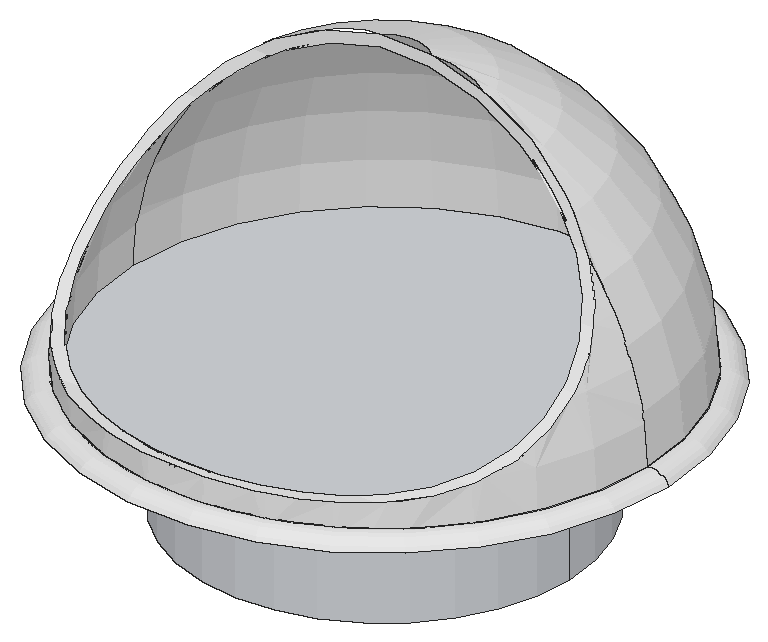
Revit family "CADS_AIRFLOWdev_AirTerminal_RoundCowl_Intake", category Air Terminals, host Face, Revit 2019
Family settings
  Host = Face
  Round Connector Dimension = Use Diameter
  Part Type = Normal
  Cut with Voids When Loaded = No
  Shared = No
  Room Calculation Point = No
Parameters (values of type "180mm With Mesh")
  WorkExecutionLevel = "N/A"
  WeeklyMaintenance = "N/A"
  WarrantyStartDate [instance] = "N/A"
  WarrantyPeriod = "2"
  WarrantyIdentifier = "N/A"
  WarrantyGuarantorParts = "info@airflow.com"
  WarrantyGuarantorLabor = "info@airflow.com"
  WarrantyGuarantor = "Airflow Developments Ltd"
  WarrantyEndDate [instance] = "N/A"
  WarrantyContent = "Replacement of part if faulty"
  Void = ((A - 20 mm) / 2) - 2 mm  # 120.5 mm
  Uniclass2015 = "Pr_65_70_46_01"
  TagNumber [instance] = "N/A"
  Status [instance] = "New"
  Size = "195 x 255 x 255"
  ShippingWeight = 0.09 kg
  Shape = "Round"
  ServiceLifeType = "EXPECTEDSERVICELIFE"
  ServiceLifeDuration = "10"
  SerialNumber [instance] = "N/A"
  RoundCowl = CADS_Airflow_Chrome
  ReplacementCost = "60.444"
  QuarterlyMaintenance = "N/A"
  QualityOfComponents = "N/A"
  ProductionYear = "2017"
  ProductLiterature = "N/A"
  PointOfContact = "Airflow Developments Ltd"
  OutdoorEnviornment = "N/A"
  OperationAndMaintenanceManual = "N/A"
  NumberOfSlots = 0
  NominalWidth = 255 mm
  NominalLength = 195 mm
  NominalHeight = 255 mm
  NBSCode = "90-75-50/370 Air terminals;"
  MountingType = "SURFACE"
  MonthlyMaintenance = "N/A"
  ModelReference = "9041229"
  ModelLabel = "180mm dia round cowl complete with internal mesh"
  MeanTimeBetweenFailure = "N/A"
  Material = "Stainless Steel"
  ManufacturerWebsite = "www.airflow.com"
  ManufacturerTelephone = "01494 525252"
  ManufacturerE-Mail = "info@airflow.com"
  ManufacturerAddress = "Aidelle House\nLancaster Road\nCressex Business Park\nHigh Wycombe\nBucks\nHP123QP"
  Manufacturer = "Airflow Developments Ltd"
  MaintenanceRequired8001to12000hrs = "N/A"
  MaintenanceRequired601to1000hrs = "N/A"
  MaintenanceRequired4001to8000hrs = "N/A"
  MaintenanceRequired301to600hrs = "N/A"
  MaintenanceRequired2001to4000hrs = "N/A"
  MaintenanceRequired1001to2000hrs = "N/A"
  MaintenanceRequired0to300hrs = "N/A"
  MaintenanceLevel = "N/A"
  IsExtendedWarranty = no
  IndoorEnviornment = "N/A"
  InUseConditions = "N/A"
  ISO90001 = yes
  ISO140001 = yes
  HasThermalInsulation = no
  HasSoundAttenuator = no
  HasIntegralControl = no
  GrossWeight = 0.075 kg
  Grade = "Virgin"
  GlobalTradeItemNumber = "5019009318042"
  FlowControlType = "NONE"
  Flow [instance] = 0.0 L/s
  Features [instance] = "180mm dia round cowl complete with internal mesh"
  FaceType = "LOUVERED"
  Exclusions = "Incorrect Use / Incorrect Installation / Installed by a non-accredited electrician. Customer abuse."
  E = 55 mm
  DurationUnit = "Years"
  DesignLevel = "N/A"
  Description = "180mm dia round cowl complete with internal mesh"
  DailyMaintenance = "N/A"
  D = 173 mm
  Mesh [instance] = yes
  Louvers [instance] = no
  Default Elevation = 1219.2 mm
  Constituents = "Silver"
  Color = "Silver"
  CodePerformance = "N/A"
  CEApproval = yes
  C = 190 mm
  BespokeTimeFrameMaintenance = "N/A"
  AssetType = "Fixed"
  AssetIdentifier [instance] = "N/A"
  AssemblyPlace = "N/A"
  AnnualMaintenance = "N/A"
  AirflowRateRange = "0-61"
  AccessibilityPerformance = "N/A"
  A = 265 mm
  Base = A - 20 mm  # 245 mm
  6MonthlyMaintenance = "Visually inspect system, clean the fan and ducting if necessary"
Types (9, lengths in mm): name | Void | Size | ShippingWeight | ReplacementCost | NominalWidth | NominalLength | NominalHeight | ModelReference | ModelLabel | GrossWeight | GlobalTradeItemNumber | Features | E | Description | D | Mesh | Louvers | C | A | Base
  100mm With Louvers | 63 | "115 x 150 x 150" | 0.03 kg | "20.676" | 150 | 115 | 150 | "52644501" | "100mm dia round cowl complete with Internal louvers" | 0.025 kg | "5019009306346" | "100mm dia round cowl complete with Internal louvers" | 42 | "100mm dia round cowl complete with Internal louvers" | 100 | no | yes | 115 | 150 | 130
  125mm With Louvers | 78 | "145 x 190 x 190" | 0.042 kg | "30.228" | 190 | 145 | 190 | "9041226" | "125mm dia round cowl complete with internal louvers" | 0.035 kg | "5019009318011" | "125mm dia round cowl complete with internal louvers" | 48 | "125mm dia round cowl complete with internal louvers" | 125 | no | yes | 145 | 180 | 160
  150mm With Louvers | 91.5 | "155 x 210 x 210" | 0.054 kg | "39.756" | 210 | 155 | 210 | "52644601" | "150mm dia round cowl complete with Internal louvers" | 0.045 kg | "5019009306360" | "150mm dia round cowl complete with Internal louvers" | 55 | "150mm dia round cowl complete with Internal louvers" | 150 | no | yes | 155 | 207 | 187
  180mm With Louvers | 120.5 | "195 x 255 x 255" | 0.09 kg | "60.444" | 255 | 195 | 255 | "9041227" | "180mm dia round cowl complete with internal louvers" | 0.075 kg | "5019009318028" | "180mm dia round cowl complete with internal louvers" | 55 | "180mm dia round cowl complete with internal louvers" | 173 | no | yes | 190 | 265 | 245
  100mm With Mesh | 63 | "115 x 150 x 150" | 0.03 kg | "20.676" | 150 | 115 | 150 | "52644701" | "100mm dia round cowl complete with Internal mesh" | 0.025 kg | "5019009306384" | "100mm dia round cowl complete with Internal mesh" | 42 | "100mm dia round cowl complete with Internal mesh" | 100 | yes | no | 115 | 150 | 130
  125mm With Mesh | 78 | "145 x 190 x 190" | 0.042 kg | "30.228" | 190 | 145 | 190 | "9041228" | "125mm dia round cowl complete with internal mesh" | 0.035 kg | "5019009318035" | "125mm dia round cowl complete with internal mesh" | 48 | "125mm dia round cowl complete with internal mesh" | 125 | yes | no | 145 | 180 | 160
  150mm With Mesh | 91.5 | "155 x 210 x 210" | 0.054 kg | "39.756" | 210 | 155 | 210 | "52644801" | "150mm dia round cowl complete with Internal mesh" | 0.045 kg | "5019009306407" | "150mm dia round cowl complete with Internal mesh" | 55 | "150mm dia round cowl complete with Internal mesh" | 150 | yes | no | 155 | 207 | 187
  180mm With Mesh | 120.5 | "195 x 255 x 255" | 0.09 kg | "60.444" | 255 | 195 | 255 | "9041229" | "180mm dia round cowl complete with internal mesh" | 0.075 kg | "5019009318042" | "180mm dia round cowl complete with internal mesh" | 55 | "180mm dia round cowl complete with internal mesh" | 173 | yes | no | 190 | 265 | 245
  160mm With Mesh | 105.5 | "160x 215x 210" | 0.054 kg | "39.756" | 215 | 160 | 210 | "90000506" | "150mm dia round cowl complete with Internal mesh" | 0.045 kg | "5019009306407" | "150mm dia round cowl complete with Internal mesh" | 60 | "160mm dia round cowl complete with internal mesh" | 160 | yes | no | 165 | 235 | 215
Reference planes
  plane 1 "Center (Front/Back)": y = 0
  plane 2: z = 0
  plane 3 "Center (Left/Right)": x = 0
  plane 4: z = 135
  plane 5: x = -122.5
  plane 6: x = 122.5
  plane 7 "top": y = 122.5
  plane 8: y = -122.5
  plane 9: y = -60.25
  plane 10: x = -132.5
  plane 11: y = 132.5
  plane 12: x = 132.5
  plane 13: y = -132.5
  plane 14: y = -120.5
  plane 15: z = 4.663
  plane 16: z = -55
  plane 17: z = 69.832
  plane 18: y = -108.123
Forms (mm)
  Revolve 1, solid, material "CADS_Airflow_Chrome" <- "RoundCowl"
    sketch origin (0, 0, 0) x (1, 0, 0) y (0, 0, 1)
      loop
        arc (122.5, 0) -> (87.787, 91.58) -> (0, 135) r 133.84
        line (0, 135) -> (0, 129.98)
        arc (0, 129.98) -> (84.246, 88.039) -> (117.499, 0) r 128.839
        line (117.499, 0) -> (122.5, 0)
      axis (0, 135) -> (0, 0)
    angle from 0 to 360
  Revolve 2, solid, material "CADS_Airflow_Chrome" <- "RoundCowl"
    sketch origin (0, 0, 0) x (1, 0, 0) y (0, 0, 1)
      loop
        arc (132.5, 0) -> (128.248, 3.935) -> (122.5, 4.663) r 9.485
        line (122.5, 4.663) -> (122.5, 0) -> (132.5, 0)
      axis (0, 4.663) -> (0, 0)
    angle from 0 to 360
  Extrusion 3, solid
    sketch origin (0, 0, 0) x (1, 0, 0) y (0, 1, 0)
      loop
        circle (0, 0) r 122.5
    from 0 to 4.663
  Extrusion 4, solid
    sketch origin (0, 0, 0) x (1, 0, 0) y (0, 1, 0)
      loop
        circle (0, 0) r 86.5
    from 0 to -55
  Extrusion 5, void
    sketch origin (0, -47.12, -7.321) x (0, 1, 0) y (0, 0, 1)
      loop
        circle (-61.003, 142.321) r 120.5
    from -286.988 to 250
Cuts and joins
  Extrusion 5 cuts Revolve 1
Dimensions and locks
  equal spacing: plane 10, plane 3 "Center (Left/Right)", plane 12
  equal spacing: plane 11, plane 1 "Center (Front/Back)", plane 13
  "A": plane 11 to plane 13
  "A": plane 10 to plane 12
  locked: plane 10 to plane 5 at 10
  locked: plane 6 to plane 12 at 10
  locked: plane 8 to plane 13 at 10
  locked: plane 11 to plane 7 "top" at 10
  locked: plane 14 to plane 8 at 2
  equal spacing: plane 1 "Center (Front/Back)", plane 9, plane 14
  plane 1 "Center (Front/Back)" to plane 14 = 120.5 mm
  locked: plane 15 to level at 4.663
  "E": level to plane 16
  "C": plane 4 to plane 16
  equal spacing: plane 4, plane 17, plane 15
  locked: plane 13 to plane 18 at 24.377
  "Base": diameter of Extrusion 3 sketch curve
  "D": diameter of Extrusion 4 sketch curve
  "Void": radius of Extrusion 5 sketch curve
  aligned and locked: plane 2 to host face
  aligned and locked: level to host face
  aligned and locked: Revolve 1 sketch curve to plane 3 "Center (Left/Right)"
  aligned and locked: Revolve 2 sketch curve to plane 3 "Center (Left/Right)"
  aligned and locked: plane 3 "Center (Left/Right)" to Revolve 1 sketch curve
  aligned and locked: level to Revolve 1 sketch curve
  aligned and locked: plane 15 to Extrusion 3
  aligned and locked: Extrusion 4 to plane 16
  aligned and locked: level to Extrusion 4
  aligned and locked: plane 18 to Extrusion 5 sketch curve
  aligned and locked: plane 4 to Extrusion 5 sketch curve
Automatic sketch dimensions
  host sketch curve to host sketch curve = 2438.4 mm  (x2)
  Revolve 2 sketch curve to level = 0 mm
  Revolve 2 sketch curve to plane 6 = 0 mm
  Revolve 2 sketch curve to plane 12 = 0 mm
  plane 6 to Revolve 2 sketch curve = 1.739 mm
  Revolve 2 sketch curve to level = 4.661 mm
  Revolve 2 sketch curve to Revolve 2 sketch curve = 604.939 mm
  plane 4 to Revolve 2 sketch curve = 2534.058 mm
  Revolve 1 sketch curve to plane 6 = 0 mm
  Revolve 1 sketch curve to plane 4 = 0 mm
  level to Revolve 1 sketch curve = 1.64 mm
  Revolve 1 sketch curve to Revolve 1 sketch curve = 5.001 mm
  Revolve 1 sketch curve to plane 16 = 567.6 mm
  Revolve 1 sketch curve to Revolve 1 sketch curve = 2534.058 mm
  Revolve 1 sketch curve to Revolve 1 sketch curve = 0 mm  (x2)
  plane 1 "Center (Front/Back)" to Extrusion 3 sketch curve = 0 mm
  Extrusion 3 sketch curve to plane 3 "Center (Left/Right)" = 0 mm
  plane 1 "Center (Front/Back)" to Extrusion 4 sketch curve = 0 mm
  Extrusion 4 sketch curve to plane 3 "Center (Left/Right)" = 0 mm
Connectors
  hvac at (0, 0, 0), driven by "D", driven by "Flow"
    settings: on Extrusion 4, index 1, duct flow 0.0 L/s, flow factor 0, pres drop 0.0 Pa, loss coef 0, conn angle 0.00°, conn width 304.8 mm, conn height 304.8 mm, conn diameter 173 mm, duct sys type 1, conn prof type 0, flow config 1, flow direction 2, loss method 0, conn ref index -1, conn util no, is conn primary yes, conn desc ""
